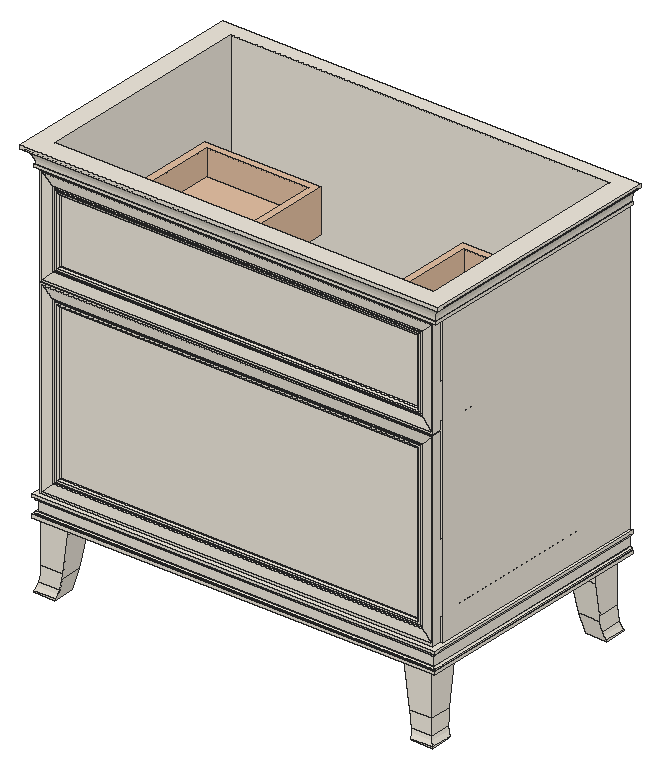
Revit family "Furniture-Floor_Mount-Vanity-KOHLER-Artifacts-K-33559", category Casework, host Face, Revit 2022 (continued)
Definition of nested family "K-33559"
  Lines and regions (in)
    symbolic lines, detail levels medium+fine
      curve 213: line (16.02335, -8.74005, 0) -> (16.02335, 6.02375, 0)
      curve 214: line (6.10236, 6.6143, 0) -> (6.10236, -8.74005, 0)
      curve 215: line (6.61391, -8.74005, 0) -> (6.61391, 6.02375, 0)
      curve 216: line (6.18136, 6.02375, 0) -> (6.18136, -8.74005, 0)
      curve 217: line (-16.10236, 6.5353, 0) -> (0.2376, 6.5353, 0)
      curve 218: line (-16.10236, -8.74005, 0) -> (16.10236, -8.74005, 0)
      curve 219: line (16.10236, 6.5353, 0) -> (0.2376, 6.5353, 0)
      curve 220: line (-0.23339, 6.10275, 0) -> (-16.10236, 6.10275, 0)
      curve 221: line (-0.23339, 6.10275, 0) -> (16.10236, 6.10275, 0)
      curve 222: line (16.92924, 0, 32.55897) -> (16.92924, 0, 23.97629)
      curve 223: line (16.81113, 0, 32.44086) -> (16.81113, 0, 24.0944)
      curve 224: line (16.92924, 0, 23.85829) -> (16.92924, 0, 7.63782)
      curve 225: line (16.81113, 0, 23.74018) -> (16.81113, 0, 7.75593)
      curve 226: line (6.10236, -3.91721, 0) -> (-6.10236, -3.91721, 0)
      curve 227: line (-6.10236, -4.50776, 0) -> (6.10236, -4.50776, 0)
      curve 228: line (-6.10236, -3.97004, 0) -> (6.10236, -3.97004, 0)
      curve 229: line (6.10236, -4.44947, 0) -> (-6.10236, -4.44947, 0)
      curve 230: line (13.50965, 9.72441, 0) -> (16.33858, 6.89548, 0)
      curve 231: line (-3.0315, 6.6143, 0) -> (-3.0315, 6.02375, 0)
      curve 232: line (3.0315, 6.6143, 0) -> (3.0315, 6.02375, 0)
      curve 233: line (-6.10236, 6.6143, 0) -> (-6.10236, -8.74005, 0)
      curve 234: line (-13.50965, 9.72441, 0) -> (-16.33858, 6.89548, 0)
      curve 235: line (16.81102, 10.90551, 0) -> (-16.81102, 10.90551, 0)
      curve 236: line (-14.47536, 10.94488, 0) -> (-14.26342, 10.94488, 0)
      curve 237: line (-15.73575, 10.94488, 0) -> (-15.52385, 10.94488, 0)
      curve 238: line (14.26342, 10.94488, 0) -> (14.47536, 10.94488, 0)
      curve 239: line (15.52385, 10.94488, 0) -> (15.73575, 10.94488, 0)
      curve 240: line (-1.52823, -4.50776, 0) -> (-1.52823, -3.91721, 0)
      curve 241: line (1.52823, -3.91721, 0) -> (1.52823, -4.50776, 0)
  Dimensions and locks (in)
    locked: plane 4 to level at 34.48797
    locked: plane 5 to level at 5.70844
    locked: plane 6 to plane 7 at 21.88976
    plane 8 to plane 9 = 35.98425"
    plane 8 to plane 11 = 34.25197"
    aligned and locked: plane 2 to level
Types (6): name | Type | Model | Product Finish | Finish
  (no name) | 1 | "K-33559-1WA" | Kohler-Wood-1WA-Linen_White | "Kohler-Wood-1WA-Linen White"
  1WA-Linen White | 1 | "K-33559-1WA" | Kohler-Wood-1WA-Linen_White | "Kohler-Wood-1WA-Linen White"
  1WX-New Dark Grey | 2 | "K-33559-1WX" | KOHLER-Wood-1WX-New_Dark_Grey | "Kohler-Wood-1WX-New_Dark_Grey"
  AGA-Ash Grey | 3 | "K-33559-AGA" | KOHLER-Wood-AGA-Ash_Grey | "KOHLER-Wood-AGA-Ash_Grey"
  BWK-Carbon Oak | 4 | "K-33559-BWK" | KOHLER-Wood-BWK-Carbon_Oak | "KOHLER-Wood-BWK-Carbon_Oak"
  WEK-Weathered Oak | 5 | "K-33559-WEK" | KOHLER-Wood-WEK-Weathered_Oak | "KOHLER-Wood-WEK-Weathered_Oak"
